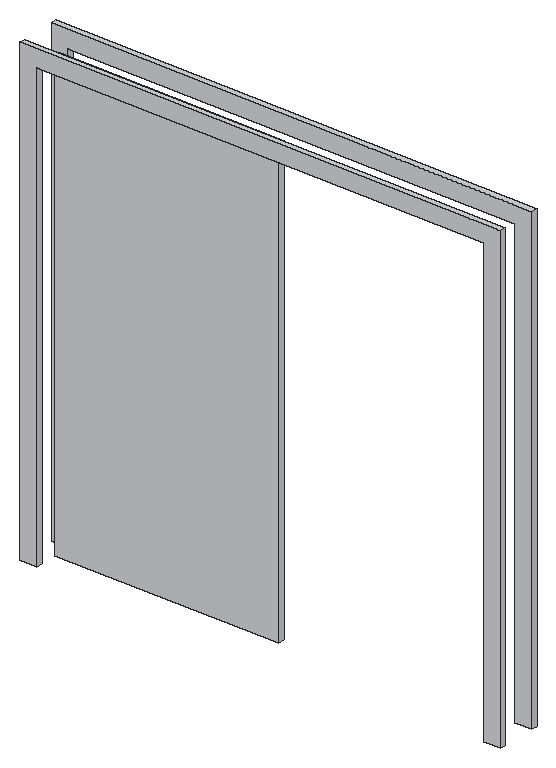
Revit family "TwoSideDoor", category 门, Revit 2025
Family settings
  主体 = 墙
  OmniClass 编号 = 23.30.10.00
  OmniClass 标题 = Doors
  总是垂直 = 是
  载入时剪切的空心 = 否
  共享 = 否
  房间计算点 = 否
Parameters
  功能 = 内部
  框架投影外部. = 25 mm
  框架投影内部. = 25 mm
  框架宽度 = 75 mm
  高度 = 2000 mm
  墙闭合 = 按主体
  宽度 = 1000 mm
  AI_Width [instance] = 2000 mm
  AI_Height [instance] = 2000 mm
Reference planes
  plane 1: y = 0
  plane 2 "中心(左/右)": x = 0
  plane 3 "左": x = -1000
  plane 4 "右": x = 1000
  plane 5: z = 2000
  plane 6 "外部": y = 75
  plane 7 "内部": y = -75
Forms (mm)
  Extrusion 1, solid
    sketch origin (-3050, -75, 0) x (1, 0, 0) y (0, 0, 1)
      loop
        line (1975, 0) -> (2050, 0) -> (2050, 2000) -> (4050, 2000) -> (4050, 0) -> (4125, 0) -> (4125, 2075) -> (1975, 2075) -> (1975, 0)
    from 0 to 25
  Extrusion 2, solid
    sketch origin (-3050, 75, 0) x (-1, 0, 0) y (0, 0, 1)
      loop
        line (-2050, 0) -> (-1975, 0) -> (-1975, 2075) -> (-4125, 2075) -> (-4125, 0) -> (-4050, 0) -> (-4050, 2000) -> (-2050, 2000) -> (-2050, 0)
    from 0 to 25
  Extrusion 3, solid
    sketch origin (0, 0, 0) x (1, 0, 0) y (0, 0, 1)
      loop
        line (-1000, 2000) -> (-1000, 0) -> (0, 0) -> (0, 2000) -> (-1000, 2000)
    from 0 to -30
Lines and regions (mm)
  Opening 1
    outline origin (-3050, -75, 0) x (1, 0, 0) y (0, 0, 1)
      loop
        line (2050, 0) -> (4050, 0) -> (4050, 2000) -> (2050, 2000) -> (2050, 0)
  symbolic lines, style "立面打开方向"
    curve 1: line (1000, -75, 1000) -> (-1000, -75, 2000)
    curve 2: line (1000, -75, 1000) -> (-1000, -75, 0)
Text (mm)
  text "外部" at (-2295.016, 1099.543, 0), in view "参照标高"
  text "外部" at (0, 1615.38, 3698.081), in view "左"
  text "外部" at (0, 1036.032, 3874.932), in view "右"
Dimensions and locks
  equal spacing: plane 3 "左", plane 2 "中心(左/右)", plane 4 "右"
  "AI_Width": plane 3 "左" to plane 4 "右"
  "AI_Height": plane 5 to host wall
  equal spacing: host wall, curve 2, plane 5
  host wall to plane 5 = 2000 mm
  "框架投影外部.": Extrusion 2 to Extrusion 2
  "框架投影内部.": Extrusion 1 to Extrusion 1
  "框架宽度": plane 3 "左" to Extrusion 1 sketch curve
  "框架宽度": plane 4 "右" to Extrusion 1 sketch curve
  "框架宽度": Extrusion 1 sketch curve to plane 5
  "框架宽度": plane 4 "右" to Extrusion 2 sketch curve
  "框架宽度": plane 3 "左" to Extrusion 2 sketch curve
  "框架宽度": plane 5 to Extrusion 2 sketch curve
  locked: plane 6 "外部" to host wall
  locked: plane 7 "内部" to host wall
  aligned and locked: plane 3 "左" to Opening 1 sketch curve
  aligned and locked: plane 5 to Opening 1 sketch curve  (x2)
  aligned and locked: Opening 1 sketch curve to plane 4 "右"
  aligned and locked: Opening 1 sketch curve to level
  aligned and locked: level to Extrusion 1 sketch curve
  aligned and locked: plane 5 to Extrusion 1 sketch curve  (x2)
  aligned and locked: Extrusion 1 sketch curve to plane 4 "右"
  aligned and locked: plane 3 "左" to Extrusion 1 sketch curve
  aligned and locked: plane 3 "左" to Extrusion 2 sketch curve
  aligned and locked: plane 5 to Extrusion 2 sketch curve  (x2)
  aligned and locked: level to Extrusion 2 sketch curve
  aligned and locked: plane 5 to curve 1
  aligned and locked: plane 3 "左" to curve 2
  aligned and locked: plane 1 to host wall
  aligned and locked: plane 3 "左" to curve 1
  aligned and locked: Extrusion 3 sketch curve to host wall  (x2)
  aligned and locked: Extrusion 3 sketch curve to plane 2 "中心(左/右)"
Automatic sketch dimensions
  Extrusion 2 sketch curve to plane 4 "右" = 0 mm
  Extrusion 1 sketch curve to level = 0 mm
  Extrusion 2 sketch curve to level = 0 mm
  plane 4 "右" to curve 2 = 0 mm
  curve 2 to level = 0 mm
  Extrusion 3 sketch curve to level = 0 mm
